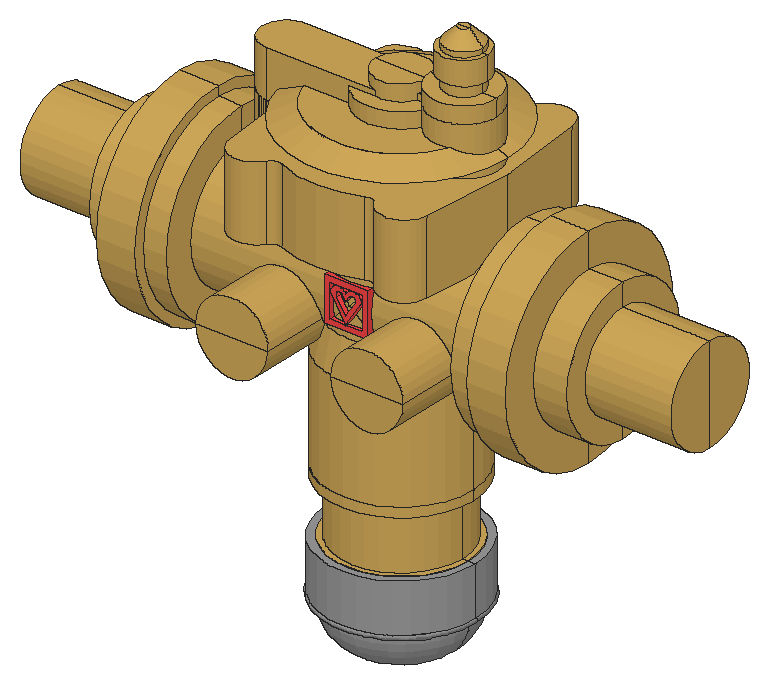
Revit family "Differenzdruckregler mit Durchflussbegrenzung 4012", category Rohrzubehör, Revit 2021
Family settings
  Bemaßung runder Anschluss = Durchmesser verwenden
  Teiletyp = Unterbricht
  OmniClass-Nummer = 23.65.55.14
  OmniClass-Titel = Valves for Liquid Services
  Arbeitsebenenbasiert = Nein
  Immer vertikal = Ja
  Beim Laden mit Abzugskörper schneiden = Nein
  Gemeinsam genutzt = Nein
Parameters
  Vorgabe-Ansicht = 0.00 mm
  Ventilgehäuse = "DZR Messing CC770S"  # constant formula
  VRL04 [instance] = size_lookup("4012_", "VRL4", 2.00 mm, Nennweite)  # 8.00 mm
  VRL03 [instance] = size_lookup("4012_", "VRL3", 2.00 mm, Nennweite)  # 12.90 mm
  VRL02 [instance] = size_lookup("4012_", "VRL2", 2.00 mm, Nennweite)  # 18.00 mm
  VRL01 [instance] = size_lookup("4012_", "VRL1", 2.00 mm, Nennweite)  # 30.00 mm
  VRG03 [instance] = Nennweite / 2  # 10.00 mm
  VRD03 [instance] = size_lookup("4012_", "VRD3", 2.00 mm, Nennweite)  # 14.50 mm
  VRD02 [instance] = size_lookup("4012_", "VRD2", 2.00 mm, Nennweite)  # 19.60 mm
  VRD01 [instance] = size_lookup("4012_", "VRD1", 2.00 mm, Nennweite)  # 21.60 mm
  URL = "www.herz-armaturen.at"
  T09 = 6.90 mm  # constant formula
  T08 = 13.00 mm  # constant formula
  T07 = 4.90 mm  # constant formula
  T06 = 3.90 mm  # constant formula
  T05 = 1.20 mm  # constant formula
  T04 = 1.00 mm  # constant formula
  T03 = 4.80 mm  # constant formula
  T02 = 2.50 mm  # constant formula
  T01 = 3.40 mm  # constant formula
  T00 = 14.40 mm  # constant formula
  Stift = "Edelstahl 14301"  # constant formula
  SH02 [instance] = SH01 + 12.00 mm  # 35.50 mm
  SH01 [instance] = D02 + 10.00 mm  # 23.50 mm
  SCRNSEQ = "ARM;ARM_TYP=\"DIFR\";2"
  SCRNCODE = "05;03;02"  # constant formula
  SB02 = 44.00 mm  # constant formula
  S03 = 37.50 mm  # constant formula
  S02 = 30.00 mm  # constant formula
  S01 = 10.00 mm  # constant formula
  Regelbereich = "10% - 100%"  # constant formula
  O-Ringe = "EPDM"  # constant formula
  Nennweite [instance] = 20.00 mm
  Min. Differenzdruck = 10000.0 Pa  # constant formula
  Min. Betriebstemperatur (reines Wasser) = 2 °C  # constant formula
  Min. Betriebstemperatur (Frostschutz) = -20 °C  # constant formula
  Membrangehäuse = "Messing CW602N"  # constant formula
  Membrane = "EPDM"  # constant formula
  Medium = "Wasserbeschaffenheit gemäß ÖNORM H5195 und VDI 2035.\r\nDie Verwendung von Ethylen- und Propylenglykol ist im Mischungsverhältnis 25 - 50 Vol.- % zulässig."
  Max. Differenzdruck ohne Last = 25000.0 Pa  # constant formula
  Max. Differenzdruck = 400000.0 Pa  # constant formula
  Max. Betriebstemperatur = 130 °C  # constant formula
  Max. Betriebsdruck = 1600000.0 Pa  # constant formula
  L10 = 34.00 mm  # constant formula
  L09 = 6.90 mm  # constant formula
  L08 = 13.00 mm  # constant formula
  L07 [instance] = size_lookup("4012_", "L7", 2.00 mm, Nennweite)  # 14.00 mm
  L06 = 7.50 mm  # constant formula
  L05 [instance] = size_lookup("4012_", "L5", 2.00 mm, Nennweite)  # 14.00 mm
  L04 = 5.15 mm  # constant formula
  L03 = 23.70 mm  # constant formula
  L02 = 8.00 mm  # constant formula
  L01 = 41.00 mm  # constant formula
  L-Ventil [instance] = 75.00 mm  # constant formula
  Hub = "4 mm"  # constant formula
  Hersteller = "HERZ Armaturen Ges.m.b.H"  # constant formula
  H18 [instance] = H01 + H15 - H16  # 48.50 mm
  H17 = 2.00 mm  # constant formula
  H16 = 9.00 mm  # constant formula
  H15 = 22.50 mm  # constant formula
  H14 = 2.00 mm  # constant formula
  H13 [instance] = H02 - H01  # 20.10 mm
  H12 = 3.20 mm  # constant formula
  H11 = 2.50 mm  # constant formula
  H10 = 9.00 mm  # constant formula
  H09 [instance] = H08 + 6.00 mm  # 15.30 mm
  H08 [instance] = size_lookup("4012_", "H8", 2.00 mm, Nennweite)  # 9.30 mm
  H07 [instance] = size_lookup("4012_", "H7", 2.00 mm, Nennweite)  # 5.30 mm
  H06 = 26.40 mm  # constant formula
  H05 [instance] = size_lookup("4012_", "H5", 2.00 mm, Nennweite)  # 35.80 mm
  H04 [instance] = size_lookup("4012_", "H4", 2.00 mm, Nennweite)  # 10.30 mm
  H03 [instance] = size_lookup("4012_", "H3", 2.00 mm, Nennweite)  # 6.30 mm
  H02 [instance] = size_lookup("4012_", "H2", 2.00 mm, Nennweite)  # 55.10 mm
  H01 [instance] = size_lookup("4012_", "H1", 2.00 mm, Nennweite)  # 35.00 mm
  Durchfluss bei Einstellung 100% [instance] = if(Nennweite = 15.00 mm, 0.12 L/s, if(Nennweite = 20.00 mm, 0.25 L/s, 0.0 L/s))  # 0.25 L/s
  Druckfeder = "Federstahl"  # constant formula
  D10 = 12.75 mm  # constant formula
  D09 = 13.90 mm  # constant formula
  D08 = 5.30 mm  # constant formula
  D07 = 8.60 mm  # constant formula
  D06 = 16.80 mm  # constant formula
  D05 = 22.00 mm  # constant formula
  D04 = 19.50 mm  # constant formula
  D03 = 15.00 mm  # constant formula
  D02 [instance] = size_lookup("4012_", "D2", 2.00 mm, Nennweite)  # 13.50 mm
  D01 [instance] = size_lookup("4012_", "D1", 2.00 mm, Nennweite)  # 12.50 mm
  Bestellnummer [instance] = size_lookup("4012_", "Artnr", 0, Nennweite)  # 1401222
  Bauschutzkappe = "Kunststoff"  # constant formula
  Anwendung = "HERZ-Differenzdruckregler VS-TS ist für Heiz- und Kühlanwendungen vorgesehen - Radiator- oder Fußbodenheizungssysteme.\r\nDie Konstruktion dieses Ventils vereint in einem Ventil vier Funktionalitäten:\r\nDifferenzdruckregler, Strangregulierventil, Zonenventil, Absperrventil."
  Antrieb-Anschlussgewinde = "M28 x 1,5"  # constant formula
Reference planes
  plane 1 "Mitte (Vorne/hinten)": y = 0
  plane 2: z = 0
  plane 3 "Mitte (Links/rechts)": x = 0
Forms (mm)
  Revolve 1, solid, material "Messing, weicher Gelbton, geschweißt", detail levels fine
    sketch origin (0, 0, 0) x (1, 0, 0) y (0, 0, 1)
      loop
        line (-41, 0) -> (34, 0) -> (34, 12.5) -> (26, 12.5) -> (26, 13.5) -> (-33, 13.5) -> (-33, 12.5) -> (-41, 12.5) -> (-41, 0)
      axis (-41, 0) -> (34, 0)
    angle from 0 to 360
  Revolve 2, solid, material "Messing, weicher Gelbton, geschweißt", detail levels fine
    sketch origin (0, 0, 0) x (1, 0, 0) y (0, 0, 1)
      loop
        line (0, 20.1) -> (-19.5, 20.1) -> (-19.5, 13.5) -> (-13.5, 10.3) -> (-13.5, -6.3) -> (-15, -13.5) -> (-15, -35) -> (0, -35) -> (0, 20.1)
      axis (0, 20.1) -> (0, -35)
    angle from 0 to 360
  Revolve 3, solid, material "Messing, weicher Gelbton, geschweißt", detail levels fine
    sketch origin (0, 0, -5.3) x (1, 0, 0) y (0, 1, 0)
      loop
        line (-14, 0) -> (-21.5, 0) -> (-21.5, -26.4) -> (-14, -26.4) -> (-14, 0)
      axis (-14, 0) -> (-14, -26.4)
    angle from 0 to 360
  Revolve 4, solid, material "Messing, weicher Gelbton, geschweißt", detail levels fine
    sketch origin (0, 0, -5.3) x (-1, 0, 0) y (0, 1, 0)
      loop
        line (-14, 0) -> (-21.5, 0) -> (-21.5, -26.4) -> (-14, -26.4) -> (-14, 0)
      axis (-14, 0) -> (-14, -26.4)
    angle from 0 to 360
  Extrusion 5, solid, material "Messing, weicher Gelbton, geschweißt", detail levels fine
    sketch origin (0, 0, 0) x (1, 0, 0) y (0, 1, 0)
      loop
        arc (8.677, 20.217) -> (0, 22) -> (-8.677, 20.217) r 22
        arc (-8.677, 20.217) -> (-10.07, 20.148) -> (-11.169, 21.006) r 2
        arc (-11.169, 21.006) -> (-16.585, 23.249) -> (-20.409, 18.807) r 5
        line (-20.409, 18.807) -> (-21.41, 6.975)
        arc (-21.41, 6.975) -> (-22.08, 5.643) -> (-23.486, 5.146) r 2
        arc (-23.486, 5.146) -> (-28.85, 0) -> (-23.486, -5.146) r 5.15
        arc (-23.486, -5.146) -> (-22.08, -5.643) -> (-21.41, -6.975) r 2
        line (-21.41, -6.975) -> (-20.409, -18.807)
        arc (-20.409, -18.807) -> (-16.585, -23.249) -> (-11.169, -21.006) r 5
        arc (-11.169, -21.006) -> (-10.07, -20.148) -> (-8.677, -20.217) r 2
        arc (-8.677, -20.217) -> (0, -22) -> (8.677, -20.217) r 22
        arc (8.677, -20.217) -> (10.07, -20.148) -> (11.169, -21.006) r 2
        arc (11.169, -21.006) -> (16.585, -23.249) -> (20.409, -18.807) r 5
        line (20.409, -18.807) -> (22, 0) -> (20.409, 18.807)
        arc (20.409, 18.807) -> (16.585, 23.249) -> (11.169, 21.006) r 5
        arc (11.169, 21.006) -> (10.07, 20.148) -> (8.677, 20.217) r 2
    from 10.8 to 26.1
  Revolve 6, solid, material "Messing, weicher Gelbton, geschweißt", detail levels fine
    sketch origin (0, 0, 0) x (1, 0, 0) y (0, 0, 1)
      loop
        line (0, 29.113) -> (0, 38.113) -> (-5.3, 38.113) -> (-5.3, 34.813) -> (-8.6, 34.813) -> (-8.6, 31.613) -> (-16.8, 31.613) -> (-22, 29.113) -> (0, 29.113)
      axis (0, 38.113) -> (0, 29.113)
    angle from 0 to 360
  Extrusion 7, solid, material "Messing, weicher Gelbton, geschweißt", detail levels fine
    sketch origin (0, 0, 0) x (1, 0, 0) y (0, 1, 0)
      loop
        arc (-23.7, 5.15) -> (-28.85, 0) -> (-23.7, -5.15) r 5.15
        line (-23.7, -5.15) -> (0, -5.15) -> (0, 5.15) -> (-23.7, 5.15)
    from 0 to 35.8
  Extrusion 8, solid, material "Messing, weicher Gelbton, geschweißt", detail levels fine
    sketch origin (0, 0, 0) x (1, 0, 0) y (0, 1, 0)
      loop
        line (0, 2) -> (0, -2) -> (6.396, -2)
        arc (6.396, -2) -> (19.9, 0) -> (6.396, 2) r 6.9
        line (6.396, 2) -> (0, 2)
    from 20.1 <- "H13" to 36.113
  Revolve 9, solid, material "Messing, weicher Gelbton, geschweißt", detail levels fine
    sketch origin (0, 0, 0) x (1, 0, 0) y (0, 0, 1)
      loop
        line (13, 36.113) -> (13, 50.513) -> (11.8, 50.513) -> (9.1, 47.813) -> (9.1, 46.813) -> (8.1, 46.813) -> (8.1, 42.013) -> (9.1, 42.013) -> (9.1, 39.513) -> (6.1, 39.513) -> (6.1, 36.113) -> (13, 36.113)
      axis (13, 50.513) -> (13, 36.113)
    angle from 0 to 360
  Revolve 10, solid, material "Messing, weicher Gelbton, geschweißt", detail levels fine
    sketch origin (0, 0, 0) x (1, 0, 0) y (0, 0, 1)
      loop
        line (0, -35) -> (-15, -35) -> (-15, -37) -> (-12.75, -37) -> (-12.75, -48.5) -> (-13.9, -48.5) -> (-13.9, -57.5) -> (0, -57.5) -> (0, -35)
      axis (0, -35) -> (0, -57.5)
    angle from 0 to 360
  Revolve 11, solid, material "Messing, weicher Gelbton, geschweißt", detail levels fine
    sketch origin (0, 0, 0) x (1, 0, 0) y (0, 0, 1)
      loop
        line (-41, 0) -> (-41, 12.5) -> (-33, 12.5) -> (-33, 19.6) -> (-37.9, 19.6) -> (-37.9, 21.6) -> (-45.9, 21.6) -> (-45.9, 14.5) -> (-53, 14.5) -> (-53, 10) -> (-71, 10) -> (-71, 0) -> (-41, 0)
      axis (-71, 0) -> (-33, 0)
    angle from 0 to 360
  Revolve 12, solid, material "Messing, weicher Gelbton, geschweißt", detail levels fine
    sketch origin (0, 0, 0) x (-1, 0, 0) y (0, 0, 1)
      loop
        line (-34, 0) -> (-34, 12.5) -> (-26, 12.5) -> (-26, 19.6) -> (-30.9, 19.6) -> (-30.9, 21.6) -> (-38.9, 21.6) -> (-38.9, 14.5) -> (-46, 14.5) -> (-46, 10) -> (-64, 10) -> (-64, 0) -> (-34, 0)
      axis (-64, 0) -> (-26, 0)
    angle from 0 to 360
Lines and regions (mm)
  model lines, detail levels coarse+medium
    curve 1: line (-37.5, 0, 13.5) -> (-37.5, 0, -13.5)
    curve 2: line (-37.5, 0, -13.5) -> (37.5, 0, 13.5)
    curve 3: line (37.5, 0, 13.5) -> (37.5, 0, -13.5)
    curve 4: line (37.5, 0, -13.5) -> (-37.5, 0, 13.5)
    curve 5: line (-18.75, 0, 6.75) -> (0, 0, 13.5)
    curve 6: line (0, 0, 13.5) -> (18.75, 0, 6.75)
    curve 7: line (0, 0, 13.5) -> (0, 0, 23.5)
    curve 8: spline (0, 0, 35.5) -> (5.694, 0, 35.296) -> (11, 0, 34.696) -> (15.556, 0, 33.743) -> (19.053, 0, 32.5) -> (21.25, 0, 31.053) -> (22, 0, 29.5) -> (21.25, 0, 27.947) -> (19.053, 0, 26.5) -> (15.556, 0, 25.257) -> (11, 0, 24.304) -> (5.694, 0, 23.704) -> (0, 0, 23.5) -> (-5.694, 0, 23.704) -> (-11, 0, 24.304) -> (-15.556, 0, 25.257) -> (-19.053, 0, 26.5) -> (-21.25, 0, 27.947) -> (-22, 0, 29.5) -> (-21.25, 0, 31.053) -> (-19.053, 0, 32.5) -> (-15.556, 0, 33.743) -> (-11, 0, 34.696) -> (-5.694, 0, 35.296) -> (0, 0, 35.5)
    curve 9: line (-37.5, 0, 13.5) -> (-47.5, 0, 13.5)
    curve 10: line (-47.5, 0, 13.5) -> (-37.5, 0, 0)
    curve 11: line (-37.5, 0, -13.5) -> (-47.5, 0, -13.5)
    curve 12: line (-47.5, 0, -13.5) -> (-37.5, 0, 0)
    curve 13: line (-37.5, 0, 0) -> (-67.5, 0, 0)
    curve 14: line (37.5, 0, 13.5) -> (47.5, 0, 13.5)
    curve 15: line (47.5, 0, 13.5) -> (37.5, 0, 0)
    curve 16: line (37.5, 0, -13.5) -> (47.5, 0, -13.5)
    curve 17: line (47.5, 0, -13.5) -> (37.5, 0, 0)
    curve 18: line (37.5, 0, 0) -> (67.5, 0, 0)
    curve 19: line (-37.5, 13.5, 0) -> (-37.5, -13.5, 0)
    curve 20: line (-37.5, -13.5, 0) -> (37.5, 13.5, 0)
    curve 21: line (37.5, 13.5, 0) -> (37.5, -13.5, 0)
    curve 22: line (37.5, -13.5, 0) -> (-37.5, 13.5, 0)
    curve 23: line (-37.5, 13.5, 0) -> (-47.5, 13.5, 0)
    curve 24: line (-47.5, 13.5, 0) -> (-37.5, 0, 0)
    curve 25: line (-37.5, -13.5, 0) -> (-47.5, -13.5, 0)
    curve 26: line (-47.5, -13.5, 0) -> (-37.5, 0, 0)
    curve 27: line (37.5, 13.5, 0) -> (47.5, 13.5, 0)
    curve 28: line (47.5, 13.5, 0) -> (37.5, 0, 0)
    curve 29: line (37.5, -13.5, 0) -> (47.5, -13.5, 0)
    curve 30: line (47.5, -13.5, 0) -> (37.5, 0, 0)
    curve 31: line (-18.75, 6.75, 0) -> (0, 13.5, 0)
    curve 32: line (0, 13.5, 0) -> (18.75, 6.75, 0)
    curve 33: line (0, 13.5, 0) -> (0, 23.5, 0)
    curve 34: spline (0, 35.5, 0) -> (5.694, 35.296, 0) -> (11, 34.696, 0) -> (15.556, 33.743, 0) -> (19.053, 32.5, 0) -> (21.25, 31.053, 0) -> (22, 29.5, 0) -> (21.25, 27.947, 0) -> (19.053, 26.5, 0) -> (15.556, 25.257, 0) -> (11, 24.304, 0) -> (5.694, 23.704, 0) -> (0, 23.5, 0) -> (-5.694, 23.704, 0) -> (-11, 24.304, 0) -> (-15.556, 25.257, 0) -> (-19.053, 26.5, 0) -> (-21.25, 27.947, 0) -> (-22, 29.5, 0) -> (-21.25, 31.053, 0) -> (-19.053, 32.5, 0) -> (-15.556, 33.743, 0) -> (-11, 34.696, 0) -> (-5.694, 35.296, 0) -> (0, 35.5, 0)
Dimensions and locks
  "L01": Revolve 1 sketch curve to plane 3 "Mitte (Links/rechts)"
  "L-Ventil": Revolve 1 sketch curve to Revolve 1 sketch curve
  "L02": Revolve 1 sketch curve to Revolve 1 sketch curve  (x2)
  "D02": Revolve 1 sketch curve to plane 2
  "D01": Revolve 1 sketch curve to plane 2  (x2)
  "H01": plane 2 to Revolve 2 sketch curve
  "H02": Revolve 2 sketch curve to Revolve 2 sketch curve
  "D03": plane 3 "Mitte (Links/rechts)" to Revolve 2 sketch curve
  "D04": plane 3 "Mitte (Links/rechts)" to Revolve 2 sketch curve
  "D02": Revolve 2 sketch curve to plane 2 to Revolve 2 sketch curve
  "D02": Revolve 2 sketch curve to Revolve 2 sketch curve
  "H03": plane 2 to Revolve 2 sketch curve
  "H04": Revolve 2 sketch curve to plane 2
  "L06": Revolve 3 sketch curve to Revolve 3 sketch curve
  "L06": Revolve 4 sketch curve to Revolve 4 sketch curve
  "H07": plane 2 to Revolve 3
  "H07": plane 2 to Revolve 4
  "H06": Revolve 4 sketch curve to plane 1 "Mitte (Vorne/hinten)"
  "L07": plane 3 "Mitte (Links/rechts)" to Revolve 4 sketch curve  (x2)
  "H06": Revolve 3 sketch curve to plane 1 "Mitte (Vorne/hinten)"
  "L05": Revolve 3 sketch curve to plane 3 "Mitte (Links/rechts)"  (x2)
  "H08": Revolve 2 to Extrusion 5
  "H09": Extrusion 5 to Extrusion 5
  "H10": Revolve 6 sketch curve to Revolve 6 sketch curve
  "D05": plane 3 "Mitte (Links/rechts)" to Revolve 6 sketch curve
  "D06": plane 3 "Mitte (Links/rechts)" to Revolve 6 sketch curve
  "D07": plane 3 "Mitte (Links/rechts)" to Revolve 6 sketch curve
  "D08": plane 3 "Mitte (Links/rechts)" to Revolve 6 sketch curve
  "H11": Revolve 6 sketch curve to Revolve 6 sketch curve
  "H12": Revolve 6 sketch curve to Revolve 6 sketch curve
  "L03": Extrusion 7 sketch curve to plane 3 "Mitte (Links/rechts)"
  "H05": Extrusion 7 to plane 2
  "H14": Revolve 6 to Extrusion 8
  "H14": Revolve 6 to Revolve 9 sketch curve
  "T00": Revolve 9 sketch curve to Revolve 9 sketch curve
  "T01": Revolve 9 sketch curve to Revolve 9 sketch curve
  "T02": Revolve 9 sketch curve to Revolve 9 sketch curve
  "T03": Revolve 9 sketch curve to Revolve 9 sketch curve
  "T04": Revolve 9 sketch curve to Revolve 9 sketch curve
  "T08": Revolve 9 sketch curve to plane 3 "Mitte (Links/rechts)"  (x2)
  "T05": Revolve 9 sketch curve to Revolve 9 sketch curve
  "T06": Revolve 9 sketch curve to Revolve 9 sketch curve  (x2)
  "T07": Revolve 9 sketch curve to Revolve 9 sketch curve
  "T09": Revolve 9 sketch curve to Revolve 9 sketch curve
  "H01": plane 2 to Revolve 10 sketch curve
  "H15": Revolve 10 sketch curve to Revolve 10 sketch curve
  "H16": Revolve 10 sketch curve to Revolve 10 sketch curve
  "H17": Revolve 10 sketch curve to Revolve 10 sketch curve
  "D09": Revolve 10 sketch curve to Revolve 10 sketch curve
  "D10": Revolve 10 sketch curve to Revolve 10 sketch curve
  "D03": Revolve 10 sketch curve to Revolve 10 sketch curve
  "H18": plane 2 to nested 1
  "L01": plane 3 "Mitte (Links/rechts)" to Revolve 11 sketch curve
  "VRL01": Revolve 11 sketch curve to Revolve 11 sketch curve
  "VRL02": Revolve 11 sketch curve to Revolve 11 sketch curve
  "VRL03": Revolve 11 sketch curve to Revolve 11 sketch curve
  "VRL04": Revolve 11 sketch curve to Revolve 11 sketch curve
  "L02": Revolve 11 sketch curve to Revolve 11 sketch curve
  "D01": Revolve 11 sketch curve to plane 2
  "VRD02": Revolve 11 sketch curve to plane 2
  "VRD01": Revolve 11 sketch curve to plane 2
  "VRD03": Revolve 11 sketch curve to Revolve 11 sketch curve
  "VRG03": Revolve 11 sketch curve to plane 2
  "VRL01": Revolve 12 sketch curve to Revolve 12 sketch curve
  "VRL02": Revolve 12 sketch curve to Revolve 12 sketch curve
  "VRL03": Revolve 12 sketch curve to Revolve 12 sketch curve
  "VRL04": Revolve 12 sketch curve to Revolve 12 sketch curve
  "L02": Revolve 12 sketch curve to Revolve 12 sketch curve
  "VRD03": Revolve 12 sketch curve to Revolve 12 sketch curve
  "L10": plane 3 "Mitte (Links/rechts)" to Revolve 12 sketch curve
  "D01": Revolve 12 sketch curve to plane 2
  "VRD02": Revolve 12 sketch curve to plane 2
  "VRD01": Revolve 12 sketch curve to plane 2
  "VRG03": Revolve 12 sketch curve to plane 2
  equal spacing: curve 1, plane 3 "Mitte (Links/rechts)", curve 3
  "L-Ventil": curve 1 to curve 3
  "D02": curve 3 to plane 2 to curve 4
  "D02": curve 4 to plane 2 to curve 2
  equal spacing: curve 1, curve 5, curve 6
  equal spacing: curve 6, curve 6, curve 3
  "D02": curve 6 to plane 2
  "SH01": curve 7 to plane 2
  "SH01": curve 8 to plane 2
  "SH02": curve 8 to plane 2
  "SB02": curve 8 to curve 8
  "S01": curve 10 to curve 1
  "S01": curve 12 to curve 1
  "S02": curve 13 to curve 1
  "S03": plane 3 "Mitte (Links/rechts)" to curve 13
  "S01": curve 3 to curve 17
  "S01": curve 3 to curve 15
  "S03": curve 18 to plane 3 "Mitte (Links/rechts)"
  "S02": curve 18 to curve 18
  equal spacing: curve 19, plane 3 "Mitte (Links/rechts)", curve 21
  "L-Ventil": curve 19 to curve 21
  "D02": curve 22 to plane 1 "Mitte (Vorne/hinten)" to curve 21
  "D02": curve 20 to plane 1 "Mitte (Vorne/hinten)" to curve 22
  "S01": curve 24 to curve 19
  "S01": curve 26 to curve 19
  "S01": curve 21 to curve 28
  "S01": curve 21 to curve 30
  equal spacing: curve 23, curve 31, plane 3 "Mitte (Links/rechts)"
  equal spacing: plane 3 "Mitte (Links/rechts)", curve 32, curve 21
  "D02": plane 1 "Mitte (Vorne/hinten)" to curve 32
  "SH01": plane 1 "Mitte (Vorne/hinten)" to curve 33
  "SH01": plane 1 "Mitte (Vorne/hinten)" to curve 34
  "SH02": plane 1 "Mitte (Vorne/hinten)" to curve 34
  curve 34 to curve 34 = 44.00 mm
  "D02": nested 2 to plane 1 "Mitte (Vorne/hinten)"
  "L04": radius of Extrusion 7 sketch curve
  aligned and locked: level to plane 2
Automatic sketch dimensions
  Extrusion 5 sketch curve to Extrusion 5 sketch curve = 0.00 mm  (x7)
  plane 1 "Mitte (Vorne/hinten)" to Extrusion 5 sketch curve = 0.00 mm  (x3)
  Extrusion 5 sketch curve to plane 3 "Mitte (Links/rechts)" = 0.00 mm
  Extrusion 5 sketch curve to plane 3 "Mitte (Links/rechts)" = 9.466 mm  (x2)
  Extrusion 5 sketch curve to Extrusion 5 sketch curve = 5.961 mm  (x4)
  Extrusion 5 sketch curve to Extrusion 5 sketch curve = 4.982 mm  (x4)
  Extrusion 5 sketch curve to plane 1 "Mitte (Vorne/hinten)" = 6.975 mm
  Extrusion 5 sketch curve to Extrusion 5 sketch curve = 1.001 mm  (x2)
  plane 1 "Mitte (Vorne/hinten)" to Extrusion 5 sketch curve = 6.975 mm
  Extrusion 5 sketch curve to Extrusion 5 sketch curve = 1.993 mm  (x2)
  Extrusion 5 sketch curve to Extrusion 5 sketch curve = 0.297 mm
  plane 3 "Mitte (Links/rechts)" to Extrusion 5 sketch curve = 9.466 mm  (x2)
  Extrusion 5 sketch curve to Extrusion 5 sketch curve = 1.591 mm
  Extrusion 5 sketch curve to Extrusion 5 sketch curve = 0.169 mm  (x2)
  plane 1 "Mitte (Vorne/hinten)" to Extrusion 5 sketch curve = 18.385 mm
  Extrusion 5 sketch curve to Extrusion 5 sketch curve = 11.41 mm  (x2)
  Extrusion 5 sketch curve to Extrusion 5 sketch curve = 0.421 mm  (x4)
  Extrusion 5 sketch curve to Extrusion 5 sketch curve = 3.669 mm  (x4)
  Extrusion 5 sketch curve to plane 1 "Mitte (Vorne/hinten)" = 18.385 mm
  Extrusion 5 sketch curve to Extrusion 5 sketch curve = 0.789 mm  (x2)
  Extrusion 8 sketch curve to plane 3 "Mitte (Links/rechts)" = 0.00 mm
  plane 1 "Mitte (Vorne/hinten)" to Extrusion 8 sketch curve = 0.00 mm
  plane 1 "Mitte (Vorne/hinten)" to Extrusion 8 sketch curve = 2.00 mm
  plane 3 "Mitte (Links/rechts)" to Extrusion 8 sketch curve = 6.396 mm
  Extrusion 8 sketch curve to Extrusion 8 sketch curve = 6.604 mm
  Extrusion 8 sketch curve to plane 1 "Mitte (Vorne/hinten)" = 2.00 mm
  Extrusion 8 sketch curve to Extrusion 8 sketch curve = 0.00 mm
  curve 7 to plane 3 "Mitte (Links/rechts)" = 0.00 mm
  curve 8 to plane 3 "Mitte (Links/rechts)" = 0.00 mm
  curve 13 to level = 0.00 mm
  curve 15 to level = 0.00 mm
  curve 33 to plane 3 "Mitte (Links/rechts)" = 0.00 mm
  curve 34 to plane 3 "Mitte (Links/rechts)" = 0.00 mm
  plane 1 "Mitte (Vorne/hinten)" to curve 24 = 0.00 mm
  plane 1 "Mitte (Vorne/hinten)" to curve 30 = 0.00 mm
  Revolve 1 sketch curve to level = 0.00 mm  (x2)
  Revolve 1 sketch curve to Revolve 1 sketch curve = 1465.53 mm
  Revolve 1 sketch curve to Revolve 1 sketch curve = 1805.148 mm
  Revolve 2 sketch curve to plane 3 "Mitte (Links/rechts)" = 0.00 mm  (x2)
  Revolve 2 sketch curve to Revolve 2 sketch curve = 335.045 mm
  Revolve 2 sketch curve to Revolve 2 sketch curve = 2191.215 mm
  plane 1 "Mitte (Vorne/hinten)" to Revolve 3 sketch curve = 0.00 mm
  Revolve 3 sketch curve to Revolve 3 sketch curve = 8.00 mm
  plane 1 "Mitte (Vorne/hinten)" to Revolve 3 sketch curve = 5.00 mm
  plane 1 "Mitte (Vorne/hinten)" to Revolve 4 sketch curve = 0.00 mm
  Revolve 4 sketch curve to Revolve 4 sketch curve = 8.00 mm
  Revolve 4 sketch curve to plane 1 "Mitte (Vorne/hinten)" = 5.00 mm
  Revolve 6 sketch curve to plane 3 "Mitte (Links/rechts)" = 0.00 mm  (x2)
  level to Revolve 6 sketch curve = 29.113 mm
  Revolve 6 sketch curve to level = 366.045 mm
  Revolve 6 sketch curve to Revolve 6 sketch curve = 2176.215 mm
  Extrusion 7 sketch curve to plane 3 "Mitte (Links/rechts)" = 0.00 mm
  plane 1 "Mitte (Vorne/hinten)" to Extrusion 7 sketch curve = 0.00 mm
  Revolve 9 sketch curve to Revolve 9 sketch curve = 3.40 mm
  Revolve 9 sketch curve to Revolve 9 sketch curve = 2.324 mm
  Revolve 10 sketch curve to plane 3 "Mitte (Links/rechts)" = 0.00 mm  (x2)
  Revolve 10 sketch curve to Revolve 10 sketch curve = 293.729 mm
  level to Revolve 10 sketch curve = 2214.315 mm
  Revolve 11 sketch curve to level = 0.00 mm  (x2)
  Revolve 11 sketch curve to Revolve 11 sketch curve = 1435.53 mm
  plane 3 "Mitte (Links/rechts)" to Revolve 11 sketch curve = 1839.148 mm
  Revolve 12 sketch curve to level = 0.00 mm  (x2)
  Revolve 12 sketch curve to Revolve 12 sketch curve = 1435.53 mm
  plane 3 "Mitte (Links/rechts)" to Revolve 12 sketch curve = 1839.148 mm
Nested families
  nested 1: "Bauschutzkappe" at (0, 0, -48.5), type "Bauschutzkappe", detail levels fine
  nested 2: "Herz-Logo-vorne" at (0, -13.5, 0) x (0, 1, 0) z (0, 0, 1), type "Herz-Logo-vorne", detail levels fine
Connectors
  piping at (-71, 0, 0), diameter 20, driven by "Nennweite"
    settings: on Revolve 11, index 1, connector inside diameter 609.6 mm, connector length 0.00 mm, flow factor 0, pipe flow 0.0 L/s, pressure drop 0.0 Pa, fitting loss kfactor 0, connector angle 0.00°, fixture units 0, engagement length 0.00 mm, angle of deflection 0.00°, flow configuration 0, flow direction 1, fitting loss method 0, system type 29, joint type 0, gender type 0, connector reference index -1, connector utility 0, adjustable connector no, is connector primary yes, connector description ""
  piping at (64, 0, 0), diameter 20, driven by "Nennweite"
    settings: on Revolve 12, index 2, connector inside diameter 609.6 mm, connector length 0.00 mm, flow factor 0, pipe flow 0.0 L/s, pressure drop 0.0 Pa, fitting loss kfactor 0, connector angle 0.00°, fixture units 0, engagement length 0.00 mm, angle of deflection 0.00°, flow configuration 0, flow direction 2, fitting loss method 0, system type 29, joint type 0, gender type 0, connector reference index -1, connector utility 0, adjustable connector no, is connector primary no, connector description ""
Definition of nested family "Bauschutzkappe"
  Parameters (values of type "Bauschutzkappe")
    Default Elevation = 0.00 mm
  Reference planes
    plane 1 "Mitte (Vorne/hinten)": y = 0
    plane 2: z = 0
    plane 3 "Mitte (Links/rechts)": x = 0
  Forms (mm)
    Revolve 1, solid, detail levels fine
      sketch origin (0, 0, 0) x (1, 0, 0) y (0, 0, 1)
        loop
          line (0, 0) -> (-15.5, 0) -> (-15.5, -10.067)
          arc (-15.5, -10.067) -> (-15.733, -10.629) -> (-15.25, -11) r 0.5
          line (-15.25, -11) -> (-14.093, -11)
          arc (-14.093, -11) -> (-11.457, -17.364) -> (-5.093, -20) r 9
          line (-5.093, -20) -> (0, -20) -> (0, 0)
        axis (0, 0) -> (0, -20)
      angle from 0 to 360
  Dimensions and locks
    aligned and locked: level to plane 2
Definition of nested family "Herz-Logo-vorne"
  Parameters (values of type "Herz-Logo-vorne")
    Default Elevation = 0.00 mm
  Reference planes
    plane 1 "Mitte (Vorne/hinten)": y = 0
    plane 2: z = 0
    plane 3 "Mitte (Links/rechts)": x = 0
  Forms (mm)
    Extrusion 1, solid
      sketch origin (0.732, -0.018, 0.017) x (0, -1, 0) y (0, 0, 1)
        loop
          line (-0.018, -4.517) -> (4.482, -4.517) -> (4.482, 4.483) -> (-4.518, 4.483) -> (-4.518, -4.517) -> (-0.018, -4.517)
        loop
          line (-0.05, -3.48) -> (3.482, -3.48) -> (3.482, 3.483) -> (-3.518, 3.483) -> (-3.518, -3.48) -> (-0.05, -3.48)
        loop
          arc (-0.018, 2.383) -> (-1.543, 3.287) -> (-3.067, 2.383) r 1.738
          arc (-3.067, 2.383) -> (-3.191, 1.899) -> (-3.067, 1.415) r 1.009
          line (-3.067, 1.415) -> (-0.018, -3.281) -> (3.032, 1.415)
          arc (3.032, 1.415) -> (3.156, 1.899) -> (3.032, 2.383) r 1.009
          arc (3.032, 2.383) -> (1.507, 3.287) -> (-0.018, 2.383) r 1.738
        loop
          arc (1.885, 1.272) -> (2.005, 1.675) -> (1.885, 2.079) r 0.74
          arc (1.885, 2.079) -> (1.265, 2.416) -> (0.644, 2.079) r 0.74
          line (0.644, 2.079) -> (-0.018, 0.97) -> (-0.679, 2.079)
          arc (-0.679, 2.079) -> (-1.3, 2.416) -> (-1.921, 2.079) r 0.74
          arc (-1.921, 2.079) -> (-2.04, 1.675) -> (-1.921, 1.272) r 0.74
          line (-1.921, 1.272) -> (-0.018, -1.658) -> (1.885, 1.272)
      from 0 to 1.5
  Dimensions and locks
    aligned and locked: level to plane 2
